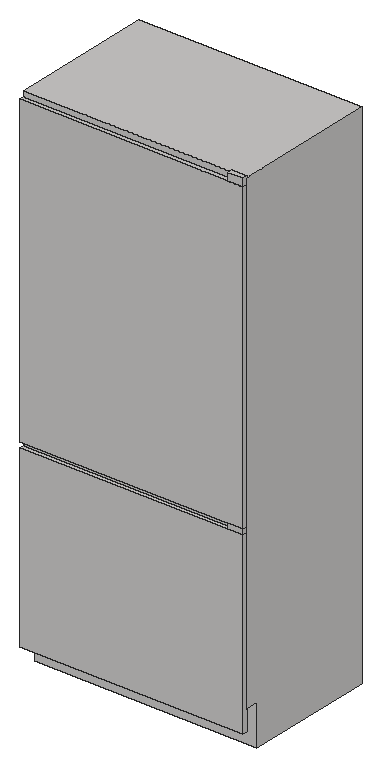
Revit family "RB492704", category Generic Models, Revit 2014
Parameters (values of type "RB492704")
  Width = 908 mm
  URL = "http://www.gaggenau.com."
  Model = "RB492704"
  Manufacturer = "Gaggenau"
  Height = 2125 mm
  Handle = Metal Panel
  Fridge = Metal Panel
  Door = Metal Panel
  Description = "Gaggenau 36\" Two-door Bottom Mount Freezer"
  Depth = 608 mm
Reference planes
  plane 1 "Center (Front/Back)": y = 0
  plane 2: z = 0
  plane 3 "Center (Left/Right)": x = 0
  plane 4: z = 2125
  plane 5: x = -454
  plane 6: x = 454
  plane 7: y = 266.012
  plane 8: y = -341.988
  plane 9: z = 181
  plane 10: z = 102
  plane 11: z = 14.093
  plane 12: z = 824
  plane 13: z = 827
  plane 14: z = 2131
  plane 15: z = 847
  plane 16: z = 2101
  plane 17: y = -268.988
  plane 18: y = -321.988
  plane 19: x = -5
  plane 20: x = 5
  plane 21: x = 393.794
Forms (mm)
  Extrusion 1, solid, material "Metal Panel" <- "Fridge"
    sketch origin (0, 0, 0) x (0, 1, 0) y (0, 0, 1)
      loop
        line (266.012, 2125) -> (-321.988, 2125) -> (-321.988, 181) -> (-268.988, 181) -> (-268.988, 14.093) -> (266.012, 14.093) -> (266.012, 2125)
    from -454 to 454
  Extrusion 2, solid, material "Metal Panel" <- "Door"
    sketch origin (0, 0, 0) x (1, 0, 0) y (0, 0, 1)
      loop
        line (-454, 97.546) -> (454, 97.546) -> (454, 824) -> (-454, 824) -> (-454, 97.546)
      loop
        line (-454, 2101) -> (-454, 847) -> (454, 847) -> (454, 2101) -> (-454, 2101)
    from 321.988 to 341.988
  Extrusion 3, solid, material "Metal Panel" <- "Door"
    sketch origin (0, 0, 0) x (1, 0, 0) y (0, 0, 1)
      loop
        line (454, 2131) -> (393.794, 2131) -> (393.794, 2101) -> (454, 2101) -> (454, 2131)
      loop
        line (454, 847) -> (393.794, 847) -> (393.794, 827) -> (454, 827) -> (454, 847)
    from 321.988 to 341.988
  Extrusion 4, solid, material "Metal Panel" <- "Fridge"
    sketch origin (0, 0, 0) x (1, 0, 0) y (0, 1, 0)
      loop
        circle (-422.403, -159.898) r 11.868
      loop
        circle (-422.403, 159.898) r 11.868
      loop
        circle (422.403, -159.898) r 11.868
      loop
        circle (422.403, 159.898) r 11.868
    from 0 to 14.093
Dimensions and locks
  "Width": plane 5 to plane 6
  plane 7 to plane 8 = 608 mm  (x2)
  plane 4 to plane 2 = 2125 mm
  plane 9 to plane 2 = 181 mm
  plane 10 to plane 2 = 102 mm
  plane 12 to plane 10 = 722 mm
  plane 13 to plane 12 = 3 mm
  plane 14 to plane 13 = 1304 mm
  plane 15 to plane 13 = 20 mm
  plane 14 to plane 16 = 30 mm
  plane 17 to plane 8 = 73 mm
  equal spacing: plane 20, plane 3 "Center (Left/Right)", plane 19
  plane 6 to plane 21 = 60.206 mm
  equal spacing: plane 5, plane 3 "Center (Left/Right)", plane 6
  aligned and locked: level to plane 2
  aligned and locked: plane 5 to Extrusion 1
  aligned and locked: plane 6 to Extrusion 1
  aligned and locked: Extrusion 2 to plane 8
  aligned and locked: Extrusion 2 to Extrusion 1
  aligned and locked: Extrusion 3 to plane 8
  aligned and locked: Extrusion 3 to Extrusion 1
Automatic sketch dimensions
  Extrusion 1 sketch curve to plane 4 = 0 mm
  Extrusion 1 sketch curve to plane 18 = 0 mm
  Extrusion 1 sketch curve to plane 9 = 0 mm
  Extrusion 1 sketch curve to plane 17 = 0 mm
  Extrusion 1 sketch curve to plane 7 = 0 mm
  Extrusion 1 sketch curve to plane 11 = 0 mm
  Extrusion 3 sketch curve to plane 14 = 0 mm
  Extrusion 3 sketch curve to plane 21 = 0 mm
  Extrusion 3 sketch curve to plane 15 = 0 mm
  plane 21 to Extrusion 3 sketch curve = 0 mm
  Extrusion 3 sketch curve to plane 6 = 0 mm  (x2)
  Extrusion 3 sketch curve to plane 16 = 0 mm
  plane 12 to Extrusion 3 sketch curve = 3 mm
  Extrusion 4 sketch curve to plane 5 = 31.597 mm  (x2)
  plane 21 to Extrusion 4 sketch curve = 28.608 mm  (x2)
  Extrusion 4 sketch curve to plane 17 = 109.089 mm  (x2)
  Extrusion 4 sketch curve to plane 7 = 106.114 mm  (x2)
  plane 5 to Extrusion 2 sketch curve = 0 mm  (x2)
  Extrusion 2 sketch curve to plane 6 = 0 mm  (x2)
  Extrusion 2 sketch curve to plane 12 = 0 mm
  Extrusion 2 sketch curve to plane 15 = 0 mm
  Extrusion 2 sketch curve to plane 16 = 0 mm
  Extrusion 2 sketch curve to plane 10 = 4.454 mm
  radius of Extrusion 4 sketch curve = 11.868 mm  (x4)
